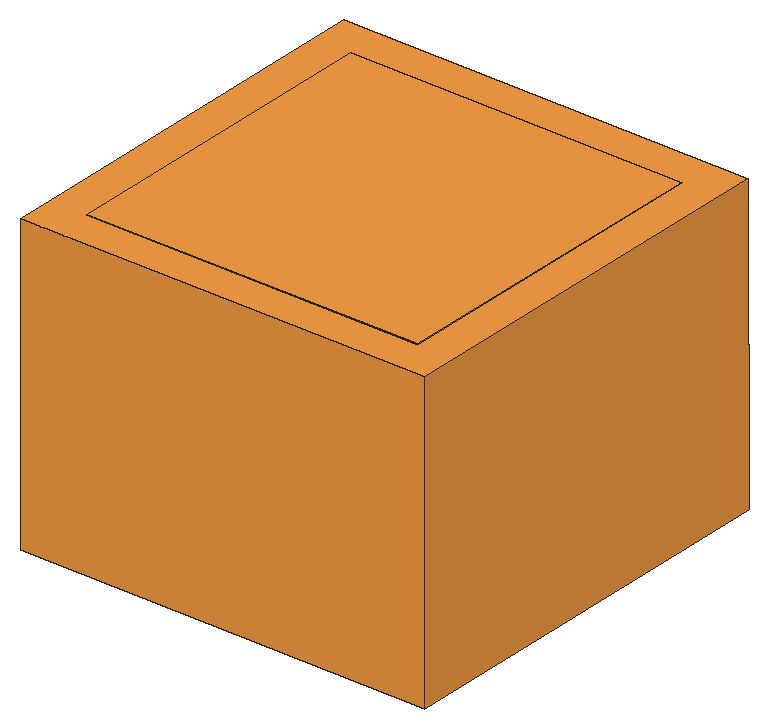
Revit family "Detector termovelocimétrico_Aguilera Electronica", category Dispositivos de alarma de incendios, Revit 2019
Family settings
  Anfitrión = Cara
  Mantener orientación de anotación = Sí
  Cota de conector redondo = Diámetro de uso
  Tipo de pieza = Normal
  Número OmniClass = 23.85.30.21.11.11.17
  Título OmniClass = Temperature Monitors
  Corte con vacíos al cargar = No
  Compartido = No
  Punto de cálculo de habitación = No
Parameters (values of type "Detector termovelocimétrico")
  Zona de acción 30 m2 = yes
  Zona de acción 20 m2 = yes
  Símbolo texto modelo = yes
  Símbolo = yes
  Suplemento para superficie = no
  R2 = D2 / 2  # 53 mm
  D2 = 106 mm
  Altura 3 = 5 mm  # constant formula
  Altura 2 = 1 mm
  URL = "http://aguilera.es/?productos=detector-termovelocimetrico-algoritimico"
  Modelo = "AE/SA-T"
  Fabricante = "Aguilera Electrónica"  # constant formula
  Default Elevation = 0 mm
  Diámetro = 106 mm
  Descripción = "Detector de calor fabricado por AGUILERA ELECTRÓNICA según Norma UNE EN 54-5 con certificado\r\nde conformidad CE y marca de calidad AENOR.\r\nUnidad algorítmica direccionable que gestiona dos parámetros de temperatura:\r\n• Diferencial: Toma medidas del incremento de temperatura en tiempo.\r\n• Térmica: Controla la temperatura ambiente que detecta en cada momento.\r\nAmbas medidas son analizadas y enviadas a la central para que ésta tome la decisión de alarma de\r\nacuerdo con la programación hecha en cada caso."  # constant formula
  Type Comments = ""
  Altura 1 = 38 mm  # constant formula
Types (6, lengths in mm): name | Suplemento para superficie | R2 | D2 | Altura 2 | Modelo | Type Comments
  (no name) | no | 53 | 106 | 1 | "AE/SA-T" | ""
  Detector termovelocimétrico | no | 53 | 106 | 1 | "AE/SA-T" | ""
  Detector termovelocimétrico con zócalo | no | 49 | 98 | 18 | "AE/SA-T + AE/SA-ZB2" | "Zócalo fabricado en ABS por AGUILERA ELECTRÓNICA, reciclable con contactos arandelas y tuercas,\r\npara conexión de los cables, en acero inoxidable.\r\nPermiten el intercambio de todos los detectores algorítmicos."
  Detector termovelocimétrico con suplemento para superficie | yes | 53 | 106 | 30 | "AE/SA-T + AE/SA-ZS" | "Suplemento de montaje para tubo visto. Facilita la instalación permitiendo la entrada de 3 tubos de\r\n20mm.\r\nCompatible con todos los detectores algorítmicos. Fabricado en ABS."
  Detector termovelocimétrico con zócalo con aislador | no | 49 | 98 | 18 | "AE/SA-T + AE/SA-ZBA" | "Zócalo para detectores algorítmicos con circuito aislador bidireccional certificado EN 54-17, diseñado para\r\nser utilizado con las centrales de detección de incendio algorítmicas de AGUILERA ELECTRONICA.\r\nEl circuito aislador bidireccional incluido en el zócalo permite aislar cortocircuitos en el cableado del bucle\r\nde detección algorítmico, dejando fuera de servicio la zona afectada entre 2 aisladores para instalaciones\r\nrealizadas en bucle cerrado.\r\nEl circuito aislador incorpora las siguientes funciones:\r\n• Interruptor bidireccional, permite cortar el bucle de forma segura, sin provocar caídas de tensión cuando\r\nda continuidad.\r\n• Detector de tensión. Supervisa la tensión del bucle, impidiendo su funcionamiento hasta que la tensión\r\nno supera el límite inferior fijado.\r\n• Indicador luminoso, se activa cuando se detecta un corto en el bucle, o un consumo de corriente excesivo."
  Detector temovelocimétrico con base con sirena bajo consumo | no | 52 | 104 | 40 | "AE/SA-T" | "El equipo AE/SA-SB es una sirena para conectar al bucle algorítmico, que dispone de las siguientes\r\ncaracterísticas:\r\n• Conexión a base de detectores de sistema algorítmico AE/SA-ZB2.\r\n• Incluye base para inserción de detectores algorítmicos de la serie SA de Aguilera:\r\nAE/SA-OP, AE/SA-OPT y AE/SA-T\r\n• Conexión a bucle algorítmico, ocupando 1 dirección. Totalmente programable como una salida\r\nindependiente, asociada al detector conectado a ella, a la zona o sector.\r\n• Generador de tono microprocesado, independiente de las comunicaciones.\r\n• Tonos NFS, ISO 8201 y BF.\r\n• Características acústicas:\r\n- Resonante piezoeléctrico con driver MOS-FET optimizado para conseguir mayor potencia\r\nacústica con un menor consumo.\r\n- Dos niveles de volumen, seleccionable por dilswitch.\r\n- 8 tonos acústicos seleccionables por dilswitch. Hasta 16 tonos disponibles.\r\n• Prueba de funcionamiento mediante selector en dilswitch.\r\n• Vigilancia de tensión de alimentación en bucle algorítmico, con indicación de avería por nivel\r\nbajo.\r\n• Led indicador de estado en bucle algorítmico.\r\n• Sirena certificada EN 54-3."
Reference planes
  plane 1 "Centro (Frontal/Posterior)": y = 0
  plane 2: z = 0
  plane 3 "Centro (Izquierda/Derecha)": x = 0
  plane 4: z = 44
  plane 5: z = 39
  plane 6: z = 1
Forms (mm)
  Extrusion 1, solid
    sketch origin (0, 0, 0) x (1, 0, 0) y (0, 1, 0)
      loop
        line (-1219.2, 1219.2) -> (-1219.2, -1219.2) -> (1219.2, -1219.2) -> (1219.2, 1219.2) -> (-1219.2, 1219.2)
    from 0 to -304.8
  Extrusion 2, solid, material "Carcasa ABS", detail levels fine
    sketch origin (0, 0, 0) x (1, 0, 0) y (0, 1, 0)
      loop
        circle (0, 0) r 18.837
    from 42.409 to 44
  Extrusion 3, solid, material "Carcasa ABS", detail levels fine
    sketch origin (4.277, 0, 83.026) x (1, 0, 0) y (0, 0, -1)
      loop
        line (-22.453, 44.026) -> (-27.409, 44.026)
        arc (-27.409, 44.026) -> (-25.225, 41.636) -> (-23.31, 39.026) r 30.048
        line (-23.31, 39.026) -> (-22.453, 39.026) -> (-22.453, 44.026)
    from -2.054 to 1.982
  Revolve 4, solid, material "Carcasa ABS", detail levels medium+fine
    sketch origin (0, 0, 0) x (0, 1, 0) y (0, 0, 1)
      loop
        line (-53, 1) -> (-53, 0) -> (0, 0) -> (0, 1) -> (-53, 1)
      axis (0, 1) -> (0, 0)
    angle from 0 to 360
  Extrusion 5, solid, material "Carcasa ABS", visible <- "Suplemento para superficie", detail levels medium+fine
    sketch origin (0, 0, 28.069) x (0, 1, 0) y (0, 0, 1)
      loop
        circle (0, -13.675) r 10
    from 48.382 to 52.012
  Extrusion 6, solid, material "Carcasa ABS", visible <- "Suplemento para superficie", detail levels medium+fine
    sketch origin (0, 0, 28.069) x (-1, 0, 0) y (0, 0, 1)
      loop
        circle (0, -13.675) r 10
    from 48.382 to 52.012
  Extrusion 7, solid, material "Carcasa ABS", visible <- "Suplemento para superficie", detail levels medium+fine
    sketch origin (0, 0, 28.069) x (0, 1, 0) y (0, 0, -1)
      loop
        circle (0, 13.675) r 10
    from 48.382 to 52.012
  Extrusion 8, solid, material "Carcasa ABS", detail levels fine
    sketch origin (-4.277, 0, 83.026) x (-1, 0, 0) y (0, 0, 1)
      loop
        line (-22.453, -44.026) -> (-22.453, -39.026) -> (-23.31, -39.026)
        arc (-23.31, -39.026) -> (-25.225, -41.636) -> (-27.409, -44.026) r 30.048
        line (-27.409, -44.026) -> (-22.453, -44.026)
    from -2.054 to 1.982
  Extrusion 9, solid, material "Carcasa ABS", detail levels fine
    sketch origin (2.17, -3.722, 83.026) x (0.5, -0.866025, 0) y (0, 0, -1)
      loop
        line (-22.453, 44.026) -> (-27.409, 44.026)
        arc (-27.409, 44.026) -> (-25.225, 41.636) -> (-23.31, 39.026) r 30.048
        line (-23.31, 39.026) -> (-22.453, 39.026) -> (-22.453, 44.026)
    from -2.054 to 1.982
  Extrusion 10, solid, material "Carcasa ABS", detail levels fine
    sketch origin (-2.107, 3.686, 83.026) x (-0.5, 0.866025, 0) y (0, 0, 1)
      loop
        line (-22.453, -44.026) -> (-22.453, -39.026) -> (-23.31, -39.026)
        arc (-23.31, -39.026) -> (-25.225, -41.636) -> (-27.409, -44.026) r 30.048
        line (-27.409, -44.026) -> (-22.453, -44.026)
    from -2.054 to 1.982
  Extrusion 11, solid, material "Carcasa ABS", detail levels fine
    sketch origin (-2.107, -3.758, 83.026) x (-0.5, -0.866025, 0) y (0, 0, -1)
      loop
        line (-22.453, 44.026) -> (-27.409, 44.026)
        arc (-27.409, 44.026) -> (-25.225, 41.636) -> (-23.31, 39.026) r 30.048
        line (-23.31, 39.026) -> (-22.453, 39.026) -> (-22.453, 44.026)
    from -2.054 to 1.982
  Extrusion 12, solid, material "Carcasa ABS", detail levels fine
    sketch origin (2.17, 3.65, 83.026) x (0.5, 0.866025, 0) y (0, 0, 1)
      loop
        line (-22.453, -44.026) -> (-22.453, -39.026) -> (-23.31, -39.026)
        arc (-23.31, -39.026) -> (-25.225, -41.636) -> (-27.409, -44.026) r 30.048
        line (-27.409, -44.026) -> (-22.453, -44.026)
    from -2.054 to 1.982
  Revolve 13, solid, material "Carcasa ABS"
    sketch origin (0, 0, 0) x (1, 0, 0) y (0, 0, 1)
      loop
        arc (-23.133, 39) -> (-27.278, 34.52) -> (-32.126, 30.811) r 35.668
        arc (-32.126, 30.811) -> (-45.528, 17.982) -> (-53, 1) r 47.554
        line (-53, 1) -> (-18.204, 1) -> (-18.204, 39) -> (-23.133, 39)
      axis (0, 39) -> (0, 1)
    angle from 0 to 360
  Extrusion 14, solid, material "Zona de acción", visible <- "Zona de acción 30 m2"
    sketch origin (-5428.865, 5430, 0) x (1, 0, 0) y (0, 1, 0)
      loop
        line (2703.865, -8155) -> (8153.865, -8155) -> (8153.865, -2705) -> (2703.865, -2705) -> (2703.865, -8155)
    from 0 to 4000
  Extrusion 15, solid, material "Zona de acción", visible <- "Zona de acción 20 m2"
    sketch origin (-2678.865, -339.2, 0) x (1, 0, 0) y (0, 1, 0)
      loop
        line (453.865, -1885.8) -> (4903.865, -1885.8) -> (4903.865, 2564.2) -> (453.865, 2564.2) -> (453.865, -1885.8)
    from 0 to 4000
Dimensions and locks
  locked: Extrusion 2 to Extrusion 2 at 1.591
  "Altura 2": plane 6 to Extrusion 1
  "Altura 1": plane 5 to plane 6
  "Altura 3": plane 4 to plane 5
  "R2": Revolve 4 sketch curve to plane 1 "Centro (Frontal/Posterior)"
  aligned and locked: plane 2 to Extrusion 1
  aligned and locked: level to Extrusion 1
  aligned and locked: plane 4 to Extrusion 2
  aligned and locked: Extrusion 1 to Revolve 4 sketch curve
  aligned and locked: plane 1 "Centro (Frontal/Posterior)" to Revolve 4 sketch curve  (x2)
  aligned and locked: Extrusion 3 to plane 5
  aligned and locked: plane 4 to Extrusion 3
  aligned and locked: Revolve 4 sketch curve to plane 6
  aligned and locked: Revolve 13 sketch curve to plane 3 "Centro (Izquierda/Derecha)"
  aligned and locked: plane 6 to Revolve 13 sketch curve
  aligned and locked: Revolve 13 sketch curve to plane 5
Automatic sketch dimensions
  Extrusion 1 sketch curve to Extrusion 1 sketch curve = 2438.4 mm  (x2)
  plane 1 "Centro (Frontal/Posterior)" to Extrusion 2 sketch curve = 0 mm
  Extrusion 2 sketch curve to plane 3 "Centro (Izquierda/Derecha)" = 0 mm
  Extrusion 3 sketch curve to plane 5 = 0 mm
  Extrusion 3 sketch curve to plane 4 = 0 mm
  plane 4 to Extrusion 3 sketch curve = 16.44 mm
  Extrusion 3 sketch curve to plane 3 "Centro (Izquierda/Derecha)" = 44.185 mm
  Extrusion 3 sketch curve to plane 3 "Centro (Izquierda/Derecha)" = 23.133 mm
  Extrusion 3 sketch curve to Extrusion 3 sketch curve = 0.857 mm
  Extrusion 5 sketch curve to plane 1 "Centro (Frontal/Posterior)" = 0 mm
  level to Extrusion 5 sketch curve = 14.394 mm
  Extrusion 6 sketch curve to plane 3 "Centro (Izquierda/Derecha)" = 0 mm
  level to Extrusion 6 sketch curve = 14.394 mm
  Extrusion 7 sketch curve to plane 1 "Centro (Frontal/Posterior)" = 0 mm
  level to Extrusion 7 sketch curve = 14.394 mm
  Extrusion 8 sketch curve to plane 5 = 0 mm
  Extrusion 8 sketch curve to plane 4 = 0 mm
  plane 4 to Extrusion 8 sketch curve = 16.44 mm
  plane 3 "Centro (Izquierda/Derecha)" to Extrusion 8 sketch curve = 44.185 mm
  plane 3 "Centro (Izquierda/Derecha)" to Extrusion 8 sketch curve = 23.133 mm
  Extrusion 8 sketch curve to Extrusion 8 sketch curve = 0.857 mm
  plane 5 to Extrusion 9 sketch curve = 0 mm
  plane 4 to Extrusion 9 sketch curve = 0 mm
  plane 4 to Extrusion 9 sketch curve = 16.44 mm
  Extrusion 9 sketch curve to Extrusion 9 sketch curve = 21.053 mm
  Extrusion 9 sketch curve to Extrusion 9 sketch curve = 0.857 mm
  plane 5 to Extrusion 10 sketch curve = 0 mm
  plane 4 to Extrusion 10 sketch curve = 0 mm
  plane 4 to Extrusion 10 sketch curve = 16.44 mm
  Extrusion 10 sketch curve to Extrusion 10 sketch curve = 21.053 mm
  Extrusion 10 sketch curve to Extrusion 10 sketch curve = 0.857 mm
  Extrusion 11 sketch curve to plane 5 = 0 mm
  Extrusion 11 sketch curve to plane 4 = 0 mm
  plane 4 to Extrusion 11 sketch curve = 16.44 mm
  Extrusion 11 sketch curve to Extrusion 11 sketch curve = 21.053 mm
  Extrusion 11 sketch curve to Extrusion 11 sketch curve = 0.857 mm
  Extrusion 12 sketch curve to plane 5 = 0 mm
  Extrusion 12 sketch curve to plane 4 = 0 mm
  plane 4 to Extrusion 12 sketch curve = 16.44 mm
  Extrusion 12 sketch curve to Extrusion 12 sketch curve = 21.053 mm
  Extrusion 12 sketch curve to Extrusion 12 sketch curve = 0.857 mm
  Revolve 13 sketch curve to plane 3 "Centro (Izquierda/Derecha)" = 6.574 mm
  Revolve 13 sketch curve to plane 3 "Centro (Izquierda/Derecha)" = 18.204 mm
  Revolve 13 sketch curve to Revolve 13 sketch curve = 4.929 mm
  plane 4 to Revolve 13 sketch curve = 16.893 mm
  Revolve 13 sketch curve to Revolve 13 sketch curve = 28.159 mm
  Revolve 13 sketch curve to Revolve 13 sketch curve = 34.796 mm
  Revolve 13 sketch curve to plane 6 = 10.294 mm
  Revolve 13 sketch curve to Revolve 13 sketch curve = 7.326 mm
  plane 6 to Revolve 13 sketch curve = 2.38 mm
  Extrusion 14 sketch curve to plane 3 "Centro (Izquierda/Derecha)" = 2725 mm
  plane 3 "Centro (Izquierda/Derecha)" to Extrusion 14 sketch curve = 2725 mm
  plane 1 "Centro (Frontal/Posterior)" to Extrusion 14 sketch curve = 2725 mm
  Extrusion 14 sketch curve to plane 1 "Centro (Frontal/Posterior)" = 2725 mm
  Extrusion 15 sketch curve to plane 3 "Centro (Izquierda/Derecha)" = 2225 mm
  Extrusion 15 sketch curve to Extrusion 15 sketch curve = 4450 mm
  plane 1 "Centro (Frontal/Posterior)" to Extrusion 15 sketch curve = 2225 mm
  Extrusion 15 sketch curve to plane 1 "Centro (Frontal/Posterior)" = 2225 mm
  Revolve 4 sketch curve to Revolve 4 sketch curve = 4.781 mm
  Revolve 4 sketch curve to Revolve 4 sketch curve = 7.426 mm
  radius of Extrusion 2 sketch curve = 18.837 mm
  radius of Extrusion 5 sketch curve = 10 mm
  radius of Extrusion 6 sketch curve = 10 mm
  radius of Extrusion 7 sketch curve = 10 mm
Nested families
  nested 1: "S_Detector termovelocimétrico_Aguilera Electronica" at (0, 0, 0), visible <- "Símbolo", type "S_Detector termovelocimétrico_Aguilera Electronica"
Connectors
  cabletrayconduit at (52.012, 0, 14.394), diameter 20
    settings: on Extrusion 5, index 2, connector width 300 mm, connector height 300 mm, connector angle 0.00°, system type 32, placement type 0, profile type 0, connector reference index -1, is primary connector yes, connector utility param no, connector description ""
  cabletrayconduit at (0, 52.012, 14.394), diameter 20
    settings: on Extrusion 6, index 3, connector width 300 mm, connector height 300 mm, connector angle 0.00°, system type 32, placement type 0, profile type 0, connector reference index -1, is primary connector no, connector utility param no, connector description ""
  cabletrayconduit at (-52.012, 0, 14.394), diameter 20
    settings: on Extrusion 7, index 4, connector width 300 mm, connector height 300 mm, connector angle 0.00°, system type 32, placement type 0, profile type 0, connector reference index -1, is primary connector no, connector utility param no, connector description ""
  electrical at (0, 0, 0), driven by "Modelo"
    settings: on Revolve 4, index 5, voltage 0 V, apparent load 0 VA, apparent load phase1 0 VA, apparent load phase2 0 VA, apparent load phase3 0 VA, power factor 1, load classification "Otro", number of poles 1, system type 11, power factor state 1, is connector primary yes, connector utility no, sub classification motor no, connector description "AE/SA-T"
Definition of nested family "S_Detector termovelocimétrico_Aguilera Electronica"
  Parameters (values of type "S_Detector termovelocimétrico_Aguilera Electronica")
    Texto símbolo = "T"
    Texto modelo = yes
    Modelo = "AE/SA-T"
  Reference planes
    plane 1: y = 0
    plane 2: x = 0
  Lines and regions (mm)
    detail lines
      curve 1: line (-4.116, -2.084, 0) -> (4.116, -2.084, 0)
      curve 2: line (-4.116, 2.084, 0) -> (-4.116, -2.084, 0)
      curve 3: line (4.116, 2.084, 0) -> (-4.116, 2.084, 0)
      curve 4: line (4.116, -2.084, 0) -> (4.116, 2.084, 0)
      curve 5: circle (2.653, 0, 0) r 0.607 normal (0, 0, 1)
      curve 6: line (-3.183, 0, 0) -> (2.047, 0, 0)
  Text (mm)
    label "Texto símbolo" at (-2.438, -1.13, 0), shows "Texto símbolo"
    label "Modelo" at (0.158, -3.714, 0), shows "Modelo", visible <- "Texto modelo"
